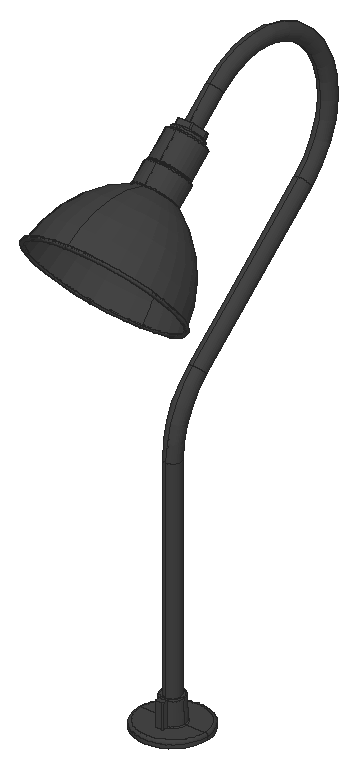
Revit family "BLE-G-DBW-G10-E26", category Lighting Fixtures, host Face, Revit 2022
Family settings
  Host = Face
  Round Connector Dimension = Use Diameter
  Part Type = Normal
  Cut with Voids When Loaded = No
  Light Source = Yes
  Maintain Annotation Orientation = No
  Shared = No
  Room Calculation Point = No
Parameters (values of type "10"")
  Wattage = 5.72229 W
  built-in parameter 1150110 = 1 (stored number, unit not read)
  built-in parameter 1114217 = 1 (stored number, unit not read)
  Tilt Angle = 0.00°
  built-in parameter 1150109 = 1 (stored number, unit not read)
  built-in parameter 1150134 = (empty or 0)
  built-in parameter 1150113 = 1 (stored number, unit not read)
  Gooseneck Material = 100 - Black
  Shade Material = 100 - Black
  Photometric Web File = "generic"
  built-in parameter 1150142 = (empty or 0)
  built-in parameter 1150105 = 67.641 (stored number, unit not read)
  Lumens = 850 lm
  built-in parameter 1150115 = 1 (stored number, unit not read)
  built-in parameter 1150137 = (empty or 0)
  built-in parameter 1150139 = (empty or 0)
  built-in parameter 1150112 = 1 (stored number, unit not read)
  built-in parameter 1150114 = 1 (stored number, unit not read)
  built-in parameter 1150132 = 2
  built-in parameter 1150102 = (empty or 0)
  built-in parameter 1150107 = 3000 (stored number, unit not read)
  built-in parameter 1150138 = (empty or 0)
  built-in parameter 1150106 = 0.67641 (stored number, unit not read)
  built-in parameter 1150104 = 13.8 (stored number, unit not read)
  20" = no
  Dimming Lamp Color Temperature Shift = <None>
  Default Elevation = 4' - 0"
  Color Filter = 16777215
  Base Material = 100 - Black
  built-in parameter 1114218 = 1 (stored number, unit not read)
  built-in parameter 1150133 = 10 (stored number, unit not read)
  16" = no
  14" = no
  12" = no
  10" = yes
Types (6): name | 20" | 16" | 14" | 12" | 10"
  (no name) | no | no | no | no | yes
  12" | no | no | no | yes | no
  14" | no | no | yes | no | no
  16" | no | yes | no | no | no
  10" | no | no | no | no | yes
  20" | yes | no | no | no | no
Reference planes (in)
  plane 1 "Center (Front/Back)": y = 0
  plane 2: z = 0
  plane 3 "Center (Left/Right)": x = 0
Lines and regions (in)
  reference lines
    curve 1: line (0, 32, 0) -> (0, -36, 0)
    curve 2: line (-33.11947, 0, 0) -> (37.88053, 0, 0)
Dimensions and locks (in)
  locked: nested 6 to imposter light at 1.75
  aligned and locked: plane 2 to host face
  aligned and locked: level to host face
  aligned and locked: plane 3 "Center (Left/Right)" to nested 1
  aligned and locked: plane 1 "Center (Front/Back)" to nested 1
  aligned and locked: imposter light to nested 6
  aligned and locked: nested 7 to nested 3
  aligned and locked: imposter light to plane 3 "Center (Left/Right)"
  aligned and locked: plane 1 "Center (Front/Back)" to nested 2
  aligned and locked: nested 3 to plane 3 "Center (Left/Right)"
  aligned and locked: nested 2 to nested 5
  aligned and locked: nested 2 to nested 6
Nested families (in)
  nested 1: "WBP-7501" at (0, 0, 0), type "WBP-7501"
  nested 2: "G10" at (0, 0, 1.975), type "GNK-5011"
  nested 3: "DBW Shade" at (0, 1.21781, 34.56074) x (0, 0.6428, -0.766) z (0, -0.766, -0.6428), type "DBW Shade"
    with 24" no, 20" no, 16" no, 14" no, 12" no
  nested 4: "103264" at (0, -3.60156, 48.3054) x (0, 0, -1) z (0, -1, 0), type "103264"
    with Heat Sink 9" no
  nested 5: "CPL-0004" at (0, 1.65207, 35.0547) x (1, 0, 0) z (0, -0.766, -0.6428), type "CPL-0004"
  nested 6: "E26 Socket Assy" at (0, 1.12408, 34.61167) x (0, 0.6428, -0.766) z (0, -0.766, -0.6428), type "E26 Socket Assy"
  nested 7: "E26 Bulb" at (0, -0.60334, 33.16219) x (1, 0, 0) z (0, -0.766, -0.6428), type "E26 Bulb"
Connectors (in)
  electrical at (0, 0, 0)
    settings: index 1, voltage 0 V, apparent load 0 VA, apparent load phase1 0 VA, apparent load phase2 0 VA, apparent load phase3 0 VA, power factor 1, load classification "Other", number of poles 1, system type 31, power factor state 1, is connector primary yes, connector utility no, sub classification motor no, connector description ""
Definition of nested family "WBP-7501"
  Parameters (values of type "WBP-7501")
    Default Elevation = 3' - 0"
    Base Material = none
  Reference planes (in)
    plane 1 "Center (Front/Back)": y = 0
    plane 2: z = 0
    plane 3 "Center (Left/Right)": x = 0
    plane 4 "Base Dia": x = -2.325
    plane 5 "Base Height": z = 0.4
    plane 6 "Fillet Radius": z = 0.225
    plane 7: z = 0.458
    plane 8: x = -0.87
    plane 9: x = -0.81
    plane 10: x = -0.76
    plane 11: z = 1.917
    plane 12: z = 1.975
    plane 13: x = -0.7
    plane 14: x = -0.2595
    plane 15: x = 0.2595
    plane 16: y = -1.135
  Forms (in)
    Extrusion 1, solid
      sketch origin (0, 0, 0) x (1, 0, 0) y (0, 1, 0)
        loop
          line (-48, 48) -> (-48, -48) -> (48, -48) -> (48, 48) -> (-48, 48)
      from 0 to -12
    Revolve 2, solid, material <- "Base Material"
      sketch origin (0, 0, 0) x (1, 0, 0) y (0, 0, 1)
        loop
          line (0, 0) -> (0, 1.975) -> (-0.7, 1.975)
          arc (-0.7, 1.975) -> (-0.74172, 1.95814) -> (-0.76, 1.91702) r 0.06003
          line (-0.76, 1.91702) -> (-0.81, 0.458)
          arc (-0.81, 0.458) -> (-0.82699, 0.41699) -> (-0.868, 0.4) r 0.058
          line (-0.868, 0.4) -> (-2.15, 0.4)
          arc (-2.15, 0.4) -> (-2.27374, 0.34874) -> (-2.325, 0.225) r 0.175
          line (-2.325, 0.225) -> (-2.325, 0) -> (0, 0)
        axis (0, 0) -> (0, 1.975)
      angle from 0 to 360
    Extrusion 3, solid, material <- "Base Material"
      sketch origin (0, 0, 0) x (1, 0, 0) y (0, 1, 0)
        loop
          line (-0.2595, -0.76731) -> (-0.2595, -1.075)
          arc (-0.2595, -1.075) -> (-0.24193, -1.11743) -> (-0.1995, -1.135) r 0.06
          line (-0.1995, -1.135) -> (0.1995, -1.135)
          arc (0.1995, -1.135) -> (0.24193, -1.11743) -> (0.2595, -1.075) r 0.06
          line (0.2595, -1.075) -> (0.2595, -0.76731)
          arc (0.2595, -0.76731) -> (0, -0.81) -> (-0.2595, -0.76731) r 0.81
      from 0 to 1.975
  Cuts and joins
    joined: Revolve 2, Extrusion 3
  Dimensions and locks (in)
    plane 4 "Base Dia" to plane 3 "Center (Left/Right)" = 0' - 2.325"
    locked: plane 5 "Base Height" to Extrusion 1 at 0.4
    locked: plane 3 "Center (Left/Right)" to plane 4 "Base Dia" at 2.325
    locked: plane 5 "Base Height" to plane 6 "Fillet Radius" at 0.175
    locked: plane 3 "Center (Left/Right)" to plane 9 at 0.81
    locked: plane 3 "Center (Left/Right)" to plane 8 at 0.87
    locked: plane 3 "Center (Left/Right)" to plane 10 at 0.76
    locked: plane 3 "Center (Left/Right)" to plane 13 at 0.7
    locked: plane 11 to plane 5 "Base Height" at 1.517
    locked: plane 12 to plane 5 "Base Height" at 1.575
    locked: plane 7 to plane 5 "Base Height" at 0.058
    locked: plane 14 to plane 3 "Center (Left/Right)" at 0.2595
    locked: plane 3 "Center (Left/Right)" to plane 15 at 0.2595
    locked: plane 16 to plane 1 "Center (Front/Back)" at 1.135
    radius of Revolve 2 sketch curve = 0' - 0.175"
    aligned and locked: plane 2 to Extrusion 1
    aligned and locked: level to Extrusion 1
    aligned and locked: Revolve 2 sketch curve to plane 5 "Base Height"
    aligned and locked: plane 9 to Revolve 2 sketch curve
    aligned and locked: plane 3 "Center (Left/Right)" to Revolve 2 sketch curve
    aligned and locked: plane 15 to Extrusion 3 sketch curve
    aligned and locked: Extrusion 3 sketch curve to plane 16
    aligned and locked: Extrusion 3 sketch curve to plane 14
  Automatic sketch dimensions
    Extrusion 1 sketch curve to Extrusion 1 sketch curve = 8' - 0"  (x2)
    Revolve 2 sketch curve to level = 0' - 0"
    Revolve 2 sketch curve to plane 4 "Base Dia" = 0' - 0"
    Revolve 2 sketch curve to plane 7 = 0' - 0"  (x2)
    plane 10 to Revolve 2 sketch curve = 0' - 0"
    Revolve 2 sketch curve to plane 12 = 0' - 0"
    Revolve 2 sketch curve to plane 13 = 0' - 0"
    Revolve 2 sketch curve to plane 3 "Center (Left/Right)" = 0' - 0"
    Revolve 2 sketch curve to Revolve 2 sketch curve = 0' - 0.22742"
    Revolve 2 sketch curve to Revolve 2 sketch curve = 0' - 1.76377"
    plane 1 "Center (Front/Back)" to Extrusion 3 sketch curve = 0' - 0"
    Extrusion 3 sketch curve to plane 3 "Center (Left/Right)" = 0' - 0"
    plane 14 to Extrusion 3 sketch curve = 0' - 0.06"
    Extrusion 3 sketch curve to plane 15 = 0' - 0.06"
    Extrusion 3 sketch curve to Extrusion 3 sketch curve = 0' - 0.30769"
Definition of nested family "G10"
  Parameters (values of type "G10")
    Gooseneck Material = none
    Default Elevation = 2' - 0"
  Reference planes (in)
    plane 1 "Center (Front/Back)": y = 0
    plane 2: z = 0
    plane 3 "Center (Left/Right)": x = 0
    plane 4 "Wood Height": z = 0
    plane 5: through (0, 1.65207, 33.0797) normal (0, 0.6428, -0.766)
  Forms (in)
    Extrusion 1, solid
      sketch origin (0, 0, 0) x (1, 0, 0) y (0, 1, 0)
        loop
          line (-48, 48) -> (-48, -48) -> (48, -48) -> (48, 48) -> (-48, 48)
      from 0 to -12
    Sweep 2, solid, material <- "Gooseneck Material"
      path origin (0, 0, 0) x (0, 1, 0) y (0, 0, 1)
        loop
          line (0, 0) -> (0, 14.00297)
          arc (0, 14.00297) -> (0.53813, 16.43033) -> (2.0517, 18.40284) r 5.74363
          line (2.0517, 18.40284) -> (10.86366, 25.79696)
          arc (10.86366, 25.79696) -> (11.57239, 33.89774) -> (3.47162, 34.60648) r 5.75
          line (3.47162, 34.60648) -> (1.65207, 33.0797)
      profile origin (0, 0, 7.00148) x (0, -1, 0) y (1, 0, 0)
        loop
          circle (0, 0) r 0.52676
  Dimensions and locks (in)
    aligned and locked: plane 2 to Extrusion 1
    aligned and locked: level to Extrusion 1
    aligned and locked: Extrusion 1 to plane 4 "Wood Height"
  Automatic sketch dimensions
    Extrusion 1 sketch curve to Extrusion 1 sketch curve = 8' - 0"  (x2)
    Sweep 2 sketch curve to plane 3 "Center (Left/Right)" = 0' - 0"
    Sweep 2 sketch curve to profile plane = 0' - 0"
    Sweep 2 sketch curve to plane 1 "Center (Front/Back)" = 0' - 0"
    Sweep 2 sketch curve to level = 0' - 0"
    Sweep 2 sketch curve to plane 1 "Center (Front/Back)" = 0' - 2.0517"
    Sweep 2 sketch curve to plane 1 "Center (Front/Back)" = 0' - 3.47162"
    Sweep 2 sketch curve to Sweep 2 sketch curve = 0' - 3.69193"
    Sweep 2 sketch curve to Sweep 2 sketch curve = 0' - 3.69602"
    Sweep 2 sketch curve to Sweep 2 sketch curve = 0' - 3.69603"
    level to Sweep 2 sketch curve = 1' - 2.00297"
    Sweep 2 sketch curve to plane 1 "Center (Front/Back)" = 0' - 1.65207"
    radius of Sweep 2 sketch curve = 0' - 0.52676"
Definition of nested family "DBW Shade"
  Parameters (values of type "DBW Shade")
    Shade Material = none
    Default Elevation = 2' - 0"
    24" = yes
    20" = yes
    10" = yes
    16" = yes
    14" = yes
    12" = yes
  Reference planes (in)
    plane 1 "Center (Front/Back)": y = 0
    plane 2: z = 0
    plane 3 "Center (Left/Right)": x = 0
  Forms (in)
    Extrusion 1, solid
      sketch origin (0, 0, 0) x (1, 0, 0) y (0, 1, 0)
        loop
          line (-48, 48) -> (-48, -48) -> (48, -48) -> (48, 48) -> (-48, 48)
      from 0 to -12
  Dimensions and locks (in)
    aligned and locked: plane 2 to Extrusion 1
    aligned and locked: level to Extrusion 1
    aligned and locked: plane 1 "Center (Front/Back)" to nested 1
    aligned and locked: plane 3 "Center (Left/Right)" to nested 1
    aligned and locked: plane 3 "Center (Left/Right)" to nested 2
    aligned and locked: plane 1 "Center (Front/Back)" to nested 2
    aligned and locked: plane 1 "Center (Front/Back)" to nested 3
    aligned and locked: plane 3 "Center (Left/Right)" to nested 3
    aligned and locked: plane 1 "Center (Front/Back)" to nested 4
    aligned and locked: plane 1 "Center (Front/Back)" to nested 5
    aligned and locked: plane 3 "Center (Left/Right)" to nested 5
    aligned and locked: plane 3 "Center (Left/Right)" to nested 6
    aligned and locked: plane 1 "Center (Front/Back)" to nested 6
    aligned and locked: plane 3 "Center (Left/Right)" to nested 4
  Nested families (in)
    nested 1: "SHD-0028" at (0, 0, 0), visible <- "10"", type "SHD-0028"
    nested 2: "SHD-0029" at (0, 0, 0), visible <- "12"", type "SHD-0029"
    nested 3: "SHD-0114" at (0, 0, 0), visible <- "14"", type "SHD-0114"
    nested 4: "SHD-0115" at (0, 0, 0), visible <- "16"", type "SHD-0115"
    nested 5: "SHD-0308" at (0, 0, 0), visible <- "24"", type "SHD-0308"
    nested 6: "SHD-0223" at (0, 0, 0), visible <- "20"", type "SHD-0223"
  Definition of nested family "SHD-0028"
    Parameters (values of type "SHD-0028")
      Shade Material = none
      Default Elevation = 2' - 0"
    Reference planes (in)
      plane 1 "Center (Front/Back)": y = 0
      plane 2: z = 0
      plane 3 "Center (Left/Right)": x = 0
      plane 4 "Wood Height": z = 0
      plane 5 "Nut Radius": x = -1.03713
      plane 6 "Nut Flat": x = -0.861
      plane 7 "Shade Thickness": z = 0.04
      plane 8 "Lower Shade bottom": z = 9.109
      plane 9 "Lower Shade Outer Dia": x = -5
      plane 10 "Shade Top Dia": x = -1.20713
      plane 11 "Shade Middle Radius Height1": z = 1.965
      plane 12 "Shade Lower Diameter1": x = -1.44113
      plane 13 "Shade Top Radius": x = -1.29713
      plane 14 "Shade Middle Radious Height2": z = 2.105
      plane 15 "Shade Middle Radius Diameter2": x = -1.41363
      plane 16 "Lip Height": z = 9.029
      plane 17 "Bowl Start": z = 3.545
      plane 18: x = -4.85
      plane 19: z = 9.069
    Forms (in)
      Extrusion 1, solid
        sketch origin (0, 0, 0) x (1, 0, 0) y (0, 1, 0)
          loop
            line (-48, 48) -> (-48, -48) -> (48, -48) -> (48, 48) -> (-48, 48)
        from 0 to -12
      Revolve 2, solid, material <- "Shade Material"
        sketch origin (0, 0, 0) x (1, 0, 0) y (0, 0, 1)
          loop
            line (0, 0) -> (0, 0.03906) -> (-1.20713, 0.03906)
            arc (-1.20713, 0.03906) -> (-1.24314, 0.05398) -> (-1.25806, 0.09) r 0.05094
            line (-1.25806, 0.09) -> (-1.25806, 1.94384)
            arc (-1.25806, 1.94384) -> (-1.26409, 1.97759) -> (-1.28141, 2.00717) r 0.09757
            line (-1.28141, 2.00717) -> (-1.37456, 2.11635) -> (-1.37456, 3.48096)
            arc (-1.37456, 3.48096) -> (-1.39014, 3.54099) -> (-1.43295, 3.58588) r 0.12347
            arc (-1.43295, 3.58588) -> (-3.7536, 5.90437) -> (-4.80544, 9.01154) r 7.20294
            arc (-4.80544, 9.01154) -> (-4.99326, 9.04214) -> (-4.84504, 8.9228) r 0.09841
            line (-4.84504, 8.9228) -> (-4.86619, 8.95581)
            arc (-4.86619, 8.95581) -> (-4.95809, 9.02506) -> (-4.84432, 9.00777) r 0.05934
            arc (-4.84432, 9.00777) -> (-3.78678, 5.88375) -> (-1.45354, 3.55268) r 7.242
            arc (-1.45354, 3.55268) -> (-1.42428, 3.522) -> (-1.41363, 3.48096) r 0.0844
            line (-1.41363, 3.48096) -> (-1.41363, 2.13147)
            arc (-1.41363, 2.13147) -> (-1.40868, 2.10377) -> (-1.39446, 2.07949) r 0.08009
            line (-1.39446, 2.07949) -> (-1.31112, 1.98181)
            arc (-1.31112, 1.98181) -> (-1.30074, 1.96408) -> (-1.29713, 1.94384) r 0.0585
            line (-1.29713, 1.94384) -> (-1.29713, 0.09)
            arc (-1.29713, 0.09) -> (-1.27077, 0.02636) -> (-1.20713, 0) r 0.09
            line (-1.20713, 0) -> (0, 0)
          axis (0, 9.01154) -> (0, 0)
        angle from 0 to 360
    Dimensions and locks (in)
      locked: plane 6 "Nut Flat" to plane 3 "Center (Left/Right)" at 0.861
      locked: plane 7 "Shade Thickness" to plane 4 "Wood Height" at 0.04
      locked: plane 3 "Center (Left/Right)" to plane 9 "Lower Shade Outer Dia" at 5
      locked: plane 11 "Shade Middle Radius Height1" to plane 4 "Wood Height" at 1.965
      locked: plane 14 "Shade Middle Radious Height2" to plane 4 "Wood Height" at 2.105
      locked: plane 8 "Lower Shade bottom" to plane 16 "Lip Height" at 0.08
      locked: plane 17 "Bowl Start" to plane 4 "Wood Height" at 3.545
      locked: plane 18 to plane 9 "Lower Shade Outer Dia" at 0.15
      locked: plane 8 "Lower Shade bottom" to plane 19 at 0.04
      locked: plane 8 "Lower Shade bottom" to plane 4 "Wood Height" at 9.109
      aligned and locked: plane 2 to Extrusion 1
      aligned and locked: level to Extrusion 1
      aligned and locked: plane 4 "Wood Height" to Revolve 2 sketch curve
      aligned and locked: plane 10 "Shade Top Dia" to Revolve 2 sketch curve
      aligned and locked: Revolve 2 sketch curve to plane 15 "Shade Middle Radius Diameter2"
      aligned and locked: Revolve 2 sketch curve to plane 13 "Shade Top Radius"
      aligned and locked: Extrusion 1 to plane 4 "Wood Height"
    Automatic sketch dimensions
      Extrusion 1 sketch curve to Extrusion 1 sketch curve = 8' - 0"  (x2)
      Revolve 2 sketch curve to Revolve 2 sketch curve = 0' - 0"  (x12)
      Revolve 2 sketch curve to plane 3 "Center (Left/Right)" = 0' - 0"  (x2)
      plane 18 to Revolve 2 sketch curve = 0' - 0.00496"
      Revolve 2 sketch curve to plane 18 = 0' - 0.01619"
      plane 15 "Shade Middle Radius Diameter2" to Revolve 2 sketch curve = 0' - 0.01916"
      plane 14 "Shade Middle Radious Height2" to Revolve 2 sketch curve = 0' - 0.01135"
      plane 15 "Shade Middle Radius Diameter2" to Revolve 2 sketch curve = 0' - 0 5/128"
      Revolve 2 sketch curve to plane 11 "Shade Middle Radius Height1" = 0' - 0.02116"
      plane 15 "Shade Middle Radius Diameter2" to Revolve 2 sketch curve = 0' - 0.058"
      plane 14 "Shade Middle Radious Height2" to Revolve 2 sketch curve = 0' - 0.02647"
      Revolve 2 sketch curve to plane 13 "Shade Top Radius" = 0' - 0.01572"
      Revolve 2 sketch curve to Revolve 2 sketch curve = 0' - 0 5/128"
      Revolve 2 sketch curve to plane 17 "Bowl Start" = 0' - 0.06404"
      plane 18 to Revolve 2 sketch curve = 0' - 0.00568"
      plane 17 "Bowl Start" to Revolve 2 sketch curve = 0' - 0.15101"
      Revolve 2 sketch curve to Revolve 2 sketch curve = 0' - 2.15863"
      Revolve 2 sketch curve to plane 12 "Shade Lower Diameter1" = 0' - 0.00818"
      Revolve 2 sketch curve to Revolve 2 sketch curve = 0' - 0.03888"  (x2)
      Revolve 2 sketch curve to Revolve 2 sketch curve = 0' - 0.03301"
      Revolve 2 sketch curve to Revolve 2 sketch curve = 0' - 0.02059"
      Revolve 2 sketch curve to Revolve 2 sketch curve = 0' - 0.03319"
  Definition of nested family "SHD-0029"
    Parameters (values of type "SHD-0029")
      Shade Material = none
      Default Elevation = 2' - 0"
    Reference planes (in)
      plane 1 "Center (Front/Back)": y = 0
      plane 2: z = 0
      plane 3 "Center (Left/Right)": x = 0
      plane 4 "Wood Height": z = 0
      plane 5 "Nut Radius": x = -1.03713
      plane 6 "Nut Flat": x = -0.861
      plane 7 "Shade Thickness": z = 0.04
      plane 8 "Shade Top Dia": x = -1.20713
      plane 9 "Shade Middle Radius Height1": z = 1.965
      plane 10 "Shade Lower Diameter1": x = -1.44113
      plane 11 "Shade Top Radius": x = -1.29713
      plane 12 "Shade Middle Radious Height2": z = 2.105
      plane 13 "Shade Middle Radius Diameter2": x = -1.41363
      plane 14 "Bowl Start": z = 3.545
    Forms (in)
      Extrusion 1, solid
        sketch origin (0, 0, 0) x (1, 0, 0) y (0, 1, 0)
          loop
            line (-48, 48) -> (-48, -48) -> (48, -48) -> (48, 48) -> (-48, 48)
        from 0 to -12
      Revolve 2, solid, material <- "Shade Material"
        sketch origin (0, 0, 0) x (1, 0, 0) y (0, 0, 1)
          loop
            line (0, 0) -> (0, 0.03906) -> (-1.20713, 0.03906)
            arc (-1.20713, 0.03906) -> (-1.24314, 0.05398) -> (-1.25806, 0.09) r 0.05094
            line (-1.25806, 0.09) -> (-1.25806, 1.94384)
            arc (-1.25806, 1.94384) -> (-1.26409, 1.97759) -> (-1.28141, 2.00717) r 0.09757
            line (-1.28141, 2.00717) -> (-1.37456, 2.11635) -> (-1.37456, 3.49488)
            arc (-1.37456, 3.49488) -> (-1.3856, 3.54027) -> (-1.41623, 3.57553) r 0.09889
            arc (-1.41623, 3.57553) -> (-4.2546, 6.22323) -> (-5.80711, 9.7808) r 9.56481
            arc (-5.80711, 9.7808) -> (-5.99536, 9.79563) -> (-5.84506, 9.68132) r 0.09841
            line (-5.84506, 9.68132) -> (-5.86621, 9.71432)
            arc (-5.86621, 9.71432) -> (-5.9593, 9.78052) -> (-5.84534, 9.77276) r 0.05934
            arc (-5.84534, 9.77276) -> (-4.28694, 6.2013) -> (-1.43786, 3.54296) r 9.60387
            arc (-1.43786, 3.54296) -> (-1.42003, 3.5218) -> (-1.41363, 3.49488) r 0.05982
            line (-1.41363, 3.49488) -> (-1.41363, 2.13147)
            arc (-1.41363, 2.13147) -> (-1.40868, 2.10377) -> (-1.39446, 2.07949) r 0.08009
            line (-1.39446, 2.07949) -> (-1.31112, 1.98181)
            arc (-1.31112, 1.98181) -> (-1.30074, 1.96408) -> (-1.29713, 1.94384) r 0.0585
            line (-1.29713, 1.94384) -> (-1.29713, 0.09)
            arc (-1.29713, 0.09) -> (-1.27077, 0.02636) -> (-1.20713, 0) r 0.09
            line (-1.20713, 0) -> (0, 0)
          axis (0, 9.7808) -> (0, 0)
        angle from 0 to 360
    Dimensions and locks (in)
      locked: plane 6 "Nut Flat" to plane 3 "Center (Left/Right)" at 0.861
      locked: plane 7 "Shade Thickness" to plane 4 "Wood Height" at 0.04
      locked: plane 9 "Shade Middle Radius Height1" to plane 4 "Wood Height" at 1.965
      locked: plane 12 "Shade Middle Radious Height2" to plane 4 "Wood Height" at 2.105
      locked: plane 14 "Bowl Start" to plane 4 "Wood Height" at 3.545
      aligned and locked: plane 2 to Extrusion 1
      aligned and locked: level to Extrusion 1
      aligned and locked: plane 4 "Wood Height" to Revolve 2 sketch curve
      aligned and locked: plane 8 "Shade Top Dia" to Revolve 2 sketch curve
      aligned and locked: Revolve 2 sketch curve to plane 13 "Shade Middle Radius Diameter2"
      aligned and locked: Revolve 2 sketch curve to plane 11 "Shade Top Radius"
      aligned and locked: Extrusion 1 to plane 4 "Wood Height"
    Automatic sketch dimensions
      Extrusion 1 sketch curve to Extrusion 1 sketch curve = 8' - 0"  (x2)
      Revolve 2 sketch curve to Revolve 2 sketch curve = 0' - 0"  (x15)
      Revolve 2 sketch curve to plane 3 "Center (Left/Right)" = 0' - 0"  (x2)
      plane 10 "Shade Lower Diameter1" to Revolve 2 sketch curve = 0' - 0.03232"
      Revolve 2 sketch curve to Revolve 2 sketch curve = 0' - 0.02115"
      Revolve 2 sketch curve to Revolve 2 sketch curve = 0' - 0.0372"
      plane 13 "Shade Middle Radius Diameter2" to Revolve 2 sketch curve = 0' - 0.01916"
      plane 12 "Shade Middle Radious Height2" to Revolve 2 sketch curve = 0' - 0.01135"
      plane 13 "Shade Middle Radius Diameter2" to Revolve 2 sketch curve = 0' - 0 5/128"
      Revolve 2 sketch curve to plane 9 "Shade Middle Radius Height1" = 0' - 0.02116"
      plane 13 "Shade Middle Radius Diameter2" to Revolve 2 sketch curve = 0' - 0.058"
      plane 12 "Shade Middle Radious Height2" to Revolve 2 sketch curve = 0' - 0.02647"
      Revolve 2 sketch curve to plane 11 "Shade Top Radius" = 0' - 0.01572"
      Revolve 2 sketch curve to Revolve 2 sketch curve = 0' - 0 5/128"
      Revolve 2 sketch curve to plane 14 "Bowl Start" = 0' - 0.05012"
      Revolve 2 sketch curve to Revolve 2 sketch curve = 0' - 0.03301"
      Revolve 2 sketch curve to Revolve 2 sketch curve = 0' - 0.04623"
      Revolve 2 sketch curve to plane 13 "Shade Middle Radius Diameter2" = 0' - 0.00261"
      Revolve 2 sketch curve to plane 14 "Bowl Start" = 0' - 0.00204"
      plane 14 "Bowl Start" to Revolve 2 sketch curve = 0' - 0.15101"
      Revolve 2 sketch curve to Revolve 2 sketch curve = 0' - 2.15863"
      plane 10 "Shade Lower Diameter1" to Revolve 2 sketch curve = 0' - 4.40394"
      plane 3 "Center (Left/Right)" to Revolve 2 sketch curve = 0' - 3.5532"
      plane 14 "Bowl Start" to Revolve 2 sketch curve = 0' - 6.13632"
  Definition of nested family "SHD-0114"
    Parameters (values of type "SHD-0114")
      Shade Material = none
      Default Elevation = 2' - 0"
    Reference planes (in)
      plane 1 "Center (Front/Back)": y = 0
      plane 2: z = 0
      plane 3 "Center (Left/Right)": x = 0
      plane 4 "Wood Height": z = 0
    Forms (in)
      Extrusion 1, solid
        sketch origin (0, 0, 0) x (1, 0, 0) y (0, 1, 0)
          loop
            line (-48, 48) -> (-48, -48) -> (48, -48) -> (48, 48) -> (-48, 48)
        from 0 to -12
      Revolve 2, solid, material <- "Shade Material"
        sketch origin (0, 0, 0) x (1, 0, 0) y (0, 0, 1)
          loop
            line (0, 0) -> (0, 0.03906) -> (-1.45545, 0.03906)
            arc (-1.45545, 0.03906) -> (-1.49164, 0.05405) -> (-1.50663, 0.09025) r 0.05119
            line (-1.50663, 0.09025) -> (-1.50663, 2.07228)
            arc (-1.50663, 2.07228) -> (-1.51325, 2.1034) -> (-1.53194, 2.12913) r 0.0765
            line (-1.53194, 2.12913) -> (-1.59895, 2.18946)
            arc (-1.59895, 2.18946) -> (-1.61737, 2.21483) -> (-1.62389, 2.24549) r 0.07539
            line (-1.62389, 2.24549) -> (-1.62389, 3.76049)
            arc (-1.62389, 3.76049) -> (-1.63985, 3.81863) -> (-1.68326, 3.86047) r 0.11386
            arc (-1.68326, 3.86047) -> (-5.12462, 6.95788) -> (-6.79993, 11.27416) r 9.99002
            arc (-6.79993, 11.27416) -> (-6.99505, 11.29998) -> (-6.84047, 11.17815) r 0.10205
            line (-6.84047, 11.17815) -> (-6.86365, 11.20959)
            arc (-6.86365, 11.20959) -> (-6.95906, 11.28479) -> (-6.83863, 11.26885) r 0.06299
            arc (-6.83863, 11.26885) -> (-5.15677, 6.93569) -> (-1.70196, 3.82617) r 10.02909
            arc (-1.70196, 3.82617) -> (-1.67344, 3.79868) -> (-1.66295, 3.76049) r 0.07479
            line (-1.66295, 3.76049) -> (-1.66295, 2.24549)
            arc (-1.66295, 2.24549) -> (-1.65306, 2.19894) -> (-1.62508, 2.16043) r 0.11445
            line (-1.62508, 2.16043) -> (-1.55808, 2.1001)
            arc (-1.55808, 2.1001) -> (-1.54893, 2.08751) -> (-1.54569, 2.07228) r 0.03743
            line (-1.54569, 2.07228) -> (-1.54569, 0.09025)
            arc (-1.54569, 0.09025) -> (-1.51926, 0.02643) -> (-1.45545, 0) r 0.09025
            line (-1.45545, 0) -> (0, 0)
          axis (0, 11.27416) -> (0, 0)
        angle from 0 to 360
    Dimensions and locks (in)
      aligned and locked: plane 2 to Extrusion 1
      aligned and locked: level to Extrusion 1
      aligned and locked: Extrusion 1 to plane 4 "Wood Height"
    Automatic sketch dimensions
      Extrusion 1 sketch curve to Extrusion 1 sketch curve = 8' - 0"  (x2)
      Revolve 2 sketch curve to Revolve 2 sketch curve = 0' - 0"  (x25)
      Revolve 2 sketch curve to level = 0' - 0"
      Revolve 2 sketch curve to plane 3 "Center (Left/Right)" = 0' - 0"  (x2)
      Revolve 2 sketch curve to Revolve 2 sketch curve = 0' - 0.01239"
      Revolve 2 sketch curve to Revolve 2 sketch curve = 0' - 0.07479"
      Revolve 2 sketch curve to Revolve 2 sketch curve = 0' - 0.02318"
      Revolve 2 sketch curve to Revolve 2 sketch curve = 0' - 0.03738"
      Revolve 2 sketch curve to Revolve 2 sketch curve = 0' - 0.03144"
      Revolve 2 sketch curve to Revolve 2 sketch curve = 0' - 0.0507"
      Revolve 2 sketch curve to Revolve 2 sketch curve = 0' - 0.01869"  (x2)
      Revolve 2 sketch curve to Revolve 2 sketch curve = 0' - 2.15863"
      plane 3 "Center (Left/Right)" to Revolve 2 sketch curve = 0' - 3.09734"
      Revolve 2 sketch curve to Revolve 2 sketch curve = 0' - 0.02614"
      Revolve 2 sketch curve to Revolve 2 sketch curve = 0' - 0 5/128"  (x2)
      Revolve 2 sketch curve to Revolve 2 sketch curve = 0' - 1.45545"
      Revolve 2 sketch curve to Revolve 2 sketch curve = 0' - 0.05119"
      Revolve 2 sketch curve to Revolve 2 sketch curve = 0' - 0.02531"
      Revolve 2 sketch curve to Revolve 2 sketch curve = 0' - 0.01656"
      Revolve 2 sketch curve to Revolve 2 sketch curve = 0' - 0.02505"
      Revolve 2 sketch curve to Revolve 2 sketch curve = 0' - 0.05045"
      Revolve 2 sketch curve to plane 3 "Center (Left/Right)" = 0' - 6.84047"
      Revolve 2 sketch curve to Revolve 2 sketch curve = 0' - 1.98204"
      Revolve 2 sketch curve to Revolve 2 sketch curve = 0' - 1.515"
      Revolve 2 sketch curve to Revolve 2 sketch curve = 0' - 7.41765"
      Revolve 2 sketch curve to Revolve 2 sketch curve = 0' - 0.06448"
  Definition of nested family "SHD-0115"
    Parameters (values of type "SHD-0115")
      Shade Material = none
      Default Elevation = 2' - 0"
    Reference planes (in)
      plane 1 "Center (Front/Back)": y = 0
      plane 2: z = 0
      plane 3 "Center (Left/Right)": x = 0
      plane 4 "Wood Height": z = 0
    Forms (in)
      Extrusion 1, solid
        sketch origin (0, 0, 0) x (1, 0, 0) y (0, 1, 0)
          loop
            line (-48, 48) -> (-48, -48) -> (48, -48) -> (48, 48) -> (-48, 48)
        from 0 to -12
      Revolve 2, solid, material <- "Shade Material"
        sketch origin (0, 0, 0) x (1, 0, 0) y (0, 0, 1)
          loop
            line (0, 0) -> (0, 0.03906) -> (-1.45545, 0.03906)
            arc (-1.45545, 0.03906) -> (-1.49164, 0.05405) -> (-1.50663, 0.09025) r 0.05119
            line (-1.50663, 0.09025) -> (-1.50663, 2.07228)
            arc (-1.50663, 2.07228) -> (-1.51325, 2.1034) -> (-1.53194, 2.12913) r 0.0765
            line (-1.53194, 2.12913) -> (-1.59895, 2.18946)
            arc (-1.59895, 2.18946) -> (-1.61737, 2.21483) -> (-1.62389, 2.24549) r 0.07539
            line (-1.62389, 2.24549) -> (-1.62389, 3.76049)
            arc (-1.62389, 3.76049) -> (-1.64115, 3.82076) -> (-1.6877, 3.86276) r 0.11386
            arc (-1.6877, 3.86276) -> (-5.9143, 7.51176) -> (-7.79992, 12.76759) r 10.98102
            arc (-7.79992, 12.76759) -> (-7.99459, 12.80067) -> (-7.84102, 12.67655) r 0.10205
            line (-7.84102, 12.67655) -> (-7.8642, 12.70799)
            arc (-7.8642, 12.70799) -> (-7.95899, 12.7846) -> (-7.83883, 12.76418) r 0.06299
            arc (-7.83883, 12.76418) -> (-5.94651, 7.48965) -> (-1.70487, 3.82767) r 11.02008
            arc (-1.70487, 3.82767) -> (-1.67429, 3.80009) -> (-1.66295, 3.76049) r 0.07479
            line (-1.66295, 3.76049) -> (-1.66295, 2.24549)
            arc (-1.66295, 2.24549) -> (-1.65306, 2.19894) -> (-1.62508, 2.16043) r 0.11445
            line (-1.62508, 2.16043) -> (-1.55808, 2.1001)
            arc (-1.55808, 2.1001) -> (-1.54893, 2.08751) -> (-1.54569, 2.07228) r 0.03743
            line (-1.54569, 2.07228) -> (-1.54569, 0.09025)
            arc (-1.54569, 0.09025) -> (-1.51926, 0.02643) -> (-1.45545, 0) r 0.09025
            line (-1.45545, 0) -> (0, 0)
          axis (0, 12.76759) -> (0, 0)
        angle from 0 to 360
    Dimensions and locks (in)
      aligned and locked: plane 2 to Extrusion 1
      aligned and locked: level to Extrusion 1
      aligned and locked: Extrusion 1 to plane 4 "Wood Height"
    Automatic sketch dimensions
      Extrusion 1 sketch curve to Extrusion 1 sketch curve = 8' - 0"  (x2)
      Revolve 2 sketch curve to Revolve 2 sketch curve = 0' - 0"  (x16)
      Revolve 2 sketch curve to level = 0' - 0"
      Revolve 2 sketch curve to plane 3 "Center (Left/Right)" = 0' - 0"  (x2)
      Revolve 2 sketch curve to Revolve 2 sketch curve = 0' - 1.45545"
      Revolve 2 sketch curve to plane 3 "Center (Left/Right)" = 0' - 1.50663"
      Revolve 2 sketch curve to Revolve 2 sketch curve = 0' - 0.02531"
      Revolve 2 sketch curve to Revolve 2 sketch curve = 0' - 0 5/128"
      Revolve 2 sketch curve to Revolve 2 sketch curve = 0' - 0.01656"
      Revolve 2 sketch curve to Revolve 2 sketch curve = 0' - 0.01239"
      Revolve 2 sketch curve to Revolve 2 sketch curve = 0' - 0.02505"
      Revolve 2 sketch curve to Revolve 2 sketch curve = 0' - 0.05045"
      Revolve 2 sketch curve to Revolve 2 sketch curve = 0' - 0.02494"
      Revolve 2 sketch curve to Revolve 2 sketch curve = 0' - 0.02614"
      Revolve 2 sketch curve to Revolve 2 sketch curve = 0' - 0.07479"
      Revolve 2 sketch curve to Revolve 2 sketch curve = 0' - 0.02318"
      Revolve 2 sketch curve to Revolve 2 sketch curve = 0' - 0.03738"
      plane 3 "Center (Left/Right)" to Revolve 2 sketch curve = 0' - 3.13919"
      Revolve 2 sketch curve to Revolve 2 sketch curve = 0' - 1.98204"
      Revolve 2 sketch curve to Revolve 2 sketch curve = 0' - 1.515"
      Revolve 2 sketch curve to Revolve 2 sketch curve = 0' - 0.03144"
      Revolve 2 sketch curve to Revolve 2 sketch curve = 0' - 0.0507"
      Revolve 2 sketch curve to Revolve 2 sketch curve = 0' - 1.04947"
      Revolve 2 sketch curve to Revolve 2 sketch curve = 0' - 0.03891"
      Revolve 2 sketch curve to Revolve 2 sketch curve = 0' - 0.06448"
      Revolve 2 sketch curve to Revolve 2 sketch curve = 0' - 2.15863"
  Definition of nested family "SHD-0308"
    Parameters (values of type "SHD-0308")
      Shade Material = none
      Default Elevation = 2' - 0"
    Reference planes (in)
      plane 1 "Center (Front/Back)": y = 0
      plane 2: z = 0
      plane 3 "Center (Left/Right)": x = 0
      plane 4 "Wood Height": z = 0
    Forms (in)
      Extrusion 1, solid
        sketch origin (0, 0, 0) x (1, 0, 0) y (0, 1, 0)
          loop
            line (-48, 48) -> (-48, -48) -> (48, -48) -> (48, 48) -> (-48, 48)
        from 0 to -12
      Revolve 2, solid, material <- "Shade Material"
        sketch origin (0, 0, 0) x (1, 0, 0) y (0, 0, 1)
          loop
            line (0, 0) -> (0, 0.03906) -> (-2.22237, 0.03906)
            arc (-2.22237, 0.03906) -> (-2.2742, 0.06053) -> (-2.29567, 0.11236) r 0.0733
            line (-2.29567, 0.11236) -> (-2.29567, 3.09806)
            arc (-2.29567, 3.09806) -> (-2.30835, 3.16758) -> (-2.34475, 3.22814) r 0.19691
            line (-2.34475, 3.22814) -> (-2.42725, 3.32189)
            arc (-2.42725, 3.32189) -> (-2.46224, 3.38009) -> (-2.47442, 3.4469) r 0.18923
            line (-2.47442, 3.4469) -> (-2.47442, 5.72055)
            arc (-2.47442, 5.72055) -> (-2.4994, 5.80773) -> (-2.56677, 5.86845) r 0.16462
            arc (-2.56677, 5.86845) -> (-9.0535, 11.47959) -> (-11.91654, 19.56448) r 16.76616
            arc (-11.91654, 19.56448) -> (-11.93143, 19.59499) -> (-11.96306, 19.60734) r 0.04667
            line (-11.96306, 19.60734) -> (-12.00319, 19.60734)
            arc (-12.00319, 19.60734) -> (-12.07667, 19.53386) -> (-12.00319, 19.46037) r 0.07348
            line (-12.00319, 19.46037) -> (-11.96309, 19.46037) -> (-11.96309, 19.49944) -> (-12.00319, 19.49944)
            arc (-12.00319, 19.49944) -> (-12.03761, 19.53386) -> (-12.00319, 19.56828) r 0.03442
            line (-12.00319, 19.56828) -> (-11.95604, 19.56828)
            arc (-11.95604, 19.56828) -> (-9.08774, 11.46046) -> (-2.58392, 5.83336) r 16.80523
            arc (-2.58392, 5.83336) -> (-2.53254, 5.78704) -> (-2.51348, 5.72055) r 0.12556
            line (-2.51348, 5.72055) -> (-2.51348, 3.4469)
            arc (-2.51348, 3.4469) -> (-2.49878, 3.3663) -> (-2.45658, 3.29609) r 0.22829
            line (-2.45658, 3.29609) -> (-2.37408, 3.20234)
            arc (-2.37408, 3.20234) -> (-2.34489, 3.15379) -> (-2.33473, 3.09806) r 0.15785
            line (-2.33473, 3.09806) -> (-2.33473, 0.11236)
            arc (-2.33473, 0.11236) -> (-2.30182, 0.03291) -> (-2.22237, 0) r 0.11236
            line (-2.22237, 0) -> (0, 0)
          axis (0, 19.60734) -> (0, 0)
        angle from 0 to 360
    Dimensions and locks (in)
      aligned and locked: plane 2 to Extrusion 1
      aligned and locked: level to Extrusion 1
      aligned and locked: Extrusion 1 to plane 4 "Wood Height"
    Automatic sketch dimensions
      Extrusion 1 sketch curve to Extrusion 1 sketch curve = 8' - 0"  (x2)
      Revolve 2 sketch curve to Revolve 2 sketch curve = 0' - 0"  (x24)
      Revolve 2 sketch curve to level = 0' - 0"
      Revolve 2 sketch curve to plane 3 "Center (Left/Right)" = 0' - 0"  (x2)
      Revolve 2 sketch curve to Revolve 2 sketch curve = 0' - 0.01047"
      Revolve 2 sketch curve to Revolve 2 sketch curve = 0' - 0.01002"
      Revolve 2 sketch curve to Revolve 2 sketch curve = 0' - 0.02933"  (x2)
      Revolve 2 sketch curve to Revolve 2 sketch curve = 0' - 0.04717"
      Revolve 2 sketch curve to Revolve 2 sketch curve = 0' - 0.12556"
      Revolve 2 sketch curve to Revolve 2 sketch curve = 0' - 0.00701"
      Revolve 2 sketch curve to Revolve 2 sketch curve = 0' - 0.00004"
      Revolve 2 sketch curve to Revolve 2 sketch curve = 0' - 0.04013"
      plane 3 "Center (Left/Right)" to Revolve 2 sketch curve = 0' - 4.79372"
      Revolve 2 sketch curve to Revolve 2 sketch curve = 0' - 0 5/128"  (x2)
      Revolve 2 sketch curve to Revolve 2 sketch curve = 0' - 2.9857"
      Revolve 2 sketch curve to Revolve 2 sketch curve = 0' - 2.27365"
      Revolve 2 sketch curve to Revolve 2 sketch curve = 0' - 0.03442"
      Revolve 2 sketch curve to Revolve 2 sketch curve = 0' - 0.00761"
      Revolve 2 sketch curve to Revolve 2 sketch curve = 0' - 0.24911"
      Revolve 2 sketch curve to Revolve 2 sketch curve = 0' - 2.15863"
      Revolve 2 sketch curve to Revolve 2 sketch curve = 0' - 2.22237"
      Revolve 2 sketch curve to plane 3 "Center (Left/Right)" = 0' - 2.28519"
      Revolve 2 sketch curve to plane 3 "Center (Left/Right)" = 0' - 11.95604"
      Revolve 2 sketch curve to Revolve 2 sketch curve = 1' - 1.73983"
      Revolve 2 sketch curve to Revolve 2 sketch curve = 1' - 3.07792"
  Definition of nested family "SHD-0223"
    Parameters (values of type "SHD-0223")
      Shade Material = none
      Default Elevation = 2' - 0"
    Reference planes (in)
      plane 1 "Center (Front/Back)": y = 0
      plane 2: z = 0
      plane 3 "Center (Left/Right)": x = 0
      plane 4 "Wood Height": z = 0
    Forms (in)
      Extrusion 1, solid
        sketch origin (0, 0, 0) x (1, 0, 0) y (0, 1, 0)
          loop
            line (-48, 48) -> (-48, -48) -> (48, -48) -> (48, 48) -> (-48, 48)
        from 0 to -12
      Revolve 2, solid, material <- "Shade Material"
        sketch origin (0, 0, 0) x (1, 0, 0) y (0, 0, 1)
          loop
            line (0, 0) -> (0, 0.03906) -> (-1.8485, 0.03906)
            arc (-1.8485, 0.03906) -> (-1.88896, 0.05582) -> (-1.90572, 0.09628) r 0.05722
            line (-1.90572, 0.09628) -> (-1.90572, 2.57881)
            arc (-1.90572, 2.57881) -> (-1.9168, 2.64011) -> (-1.94865, 2.69364) r 0.17504
            line (-1.94865, 2.69364) -> (-2.01787, 2.77327)
            arc (-2.01787, 2.77327) -> (-2.04498, 2.81883) -> (-2.05441, 2.871) r 0.14898
            line (-2.05441, 2.871) -> (-2.05441, 4.7663)
            arc (-2.05441, 4.7663) -> (-2.07634, 4.84285) -> (-2.13548, 4.89618) r 0.14458
            arc (-2.13548, 4.89618) -> (-7.53748, 9.56968) -> (-9.92412, 16.30223) r 13.97395
            arc (-9.92412, 16.30223) -> (-9.93712, 16.32887) -> (-9.96474, 16.33964) r 0.04076
            line (-9.96474, 16.33964) -> (-10.00281, 16.33964)
            arc (-10.00281, 16.33964) -> (-10.06432, 16.27814) -> (-10.00281, 16.21663) r 0.06151
            line (-10.00281, 16.21663) -> (-9.96563, 16.21663) -> (-9.96563, 16.25569) -> (-10.00281, 16.25569)
            arc (-10.00281, 16.25569) -> (-10.02526, 16.27814) -> (-10.00281, 16.30058) r 0.02244
            line (-10.00281, 16.30058) -> (-9.96317, 16.30058)
            arc (-9.96317, 16.30058) -> (-7.57018, 9.5483) -> (-2.15264, 4.86109) r 14.01301
            arc (-2.15264, 4.86109) -> (-2.10948, 4.82217) -> (-2.09348, 4.7663) r 0.10551
            line (-2.09348, 4.7663) -> (-2.09348, 2.871)
            arc (-2.09348, 2.871) -> (-2.08157, 2.80515) -> (-2.04735, 2.74764) r 0.18804
            line (-2.04735, 2.74764) -> (-1.97814, 2.66801)
            arc (-1.97814, 2.66801) -> (-1.95339, 2.62643) -> (-1.94478, 2.57881) r 0.13598
            line (-1.94478, 2.57881) -> (-1.94478, 0.09628)
            arc (-1.94478, 0.09628) -> (-1.91658, 0.0282) -> (-1.8485, 0) r 0.09628
            line (-1.8485, 0) -> (0, 0)
          axis (0, 16.33964) -> (0, 0)
        angle from 0 to 360
    Dimensions and locks (in)
      aligned and locked: plane 2 to Extrusion 1
      aligned and locked: level to Extrusion 1
      aligned and locked: Extrusion 1 to plane 4 "Wood Height"
    Automatic sketch dimensions
      Extrusion 1 sketch curve to Extrusion 1 sketch curve = 8' - 0"  (x2)
      Revolve 2 sketch curve to Revolve 2 sketch curve = 0' - 0"  (x24)
      Revolve 2 sketch curve to level = 0' - 0"
      Revolve 2 sketch curve to plane 3 "Center (Left/Right)" = 0' - 0"  (x2)
      Revolve 2 sketch curve to Revolve 2 sketch curve = 0' - 0.05722"
      Revolve 2 sketch curve to Revolve 2 sketch curve = 0' - 0.00387"
      Revolve 2 sketch curve to Revolve 2 sketch curve = 0' - 0.02948"  (x2)
      Revolve 2 sketch curve to Revolve 2 sketch curve = 0' - 0.06922"
      Revolve 2 sketch curve to Revolve 2 sketch curve = 0' - 0.10551"
      Revolve 2 sketch curve to Revolve 2 sketch curve = 0' - 0.00156"
      Revolve 2 sketch curve to Revolve 2 sketch curve = 0' - 0.0009"
      Revolve 2 sketch curve to Revolve 2 sketch curve = 0' - 0.03807"
      plane 3 "Center (Left/Right)" to Revolve 2 sketch curve = 0' - 4.00263"
      Revolve 2 sketch curve to Revolve 2 sketch curve = 0' - 0 5/128"  (x2)
      Revolve 2 sketch curve to Revolve 2 sketch curve = 0' - 0.02244"
      Revolve 2 sketch curve to Revolve 2 sketch curve = 0' - 0.0017"
      Revolve 2 sketch curve to Revolve 2 sketch curve = 0' - 2.15863"
      Revolve 2 sketch curve to Revolve 2 sketch curve = 0' - 11.59521"
      Revolve 2 sketch curve to Revolve 2 sketch curve = 0' - 1.8485"
      Revolve 2 sketch curve to Revolve 2 sketch curve = 0' - 0.00028"
      Revolve 2 sketch curve to plane 3 "Center (Left/Right)" = 0' - 9.96317"
      Revolve 2 sketch curve to Revolve 2 sketch curve = 0' - 2.48252"
      Revolve 2 sketch curve to Revolve 2 sketch curve = 0' - 1.89529"
      Revolve 2 sketch curve to Revolve 2 sketch curve = 0' - 11.45033"
      Revolve 2 sketch curve to Revolve 2 sketch curve = 0' - 1.11021"
Definition of nested family "CPL-0004"
  Parameters (values of type "CPL-0004")
    Coupler Material = none
    Default Elevation = 2' - 0"
  Reference planes (in)
    plane 1 "Center (Front/Back)": y = 0
    plane 2: z = 0
    plane 3 "Center (Left/Right)": x = 0
    plane 4 "Wood Height": z = 0
    plane 5: y = 0.875
    plane 6: z = 0.4
  Forms (in)
    Extrusion 1, solid
      sketch origin (0, 0, 0) x (1, 0, 0) y (0, 1, 0)
        loop
          line (-48, 48) -> (-48, -48) -> (48, -48) -> (48, 48) -> (-48, 48)
      from 0 to -12
    Extrusion 2, solid, material <- "Coupler Material"
      sketch origin (0, 0, 0) x (1, 0, 0) y (0, 1, 0)
        loop
          line (-0.54127, 0.8125) -> (-0.97428, 0.0625)
          arc (-0.97428, 0.0625) -> (-0.99103, 0) -> (-0.97428, -0.0625) r 0.125
          line (-0.97428, -0.0625) -> (-0.54127, -0.8125)
          arc (-0.54127, -0.8125) -> (-0.49551, -0.85825) -> (-0.43301, -0.875) r 0.125
          line (-0.43301, -0.875) -> (0.43301, -0.875)
          arc (0.43301, -0.875) -> (0.49551, -0.85825) -> (0.54127, -0.8125) r 0.125
          line (0.54127, -0.8125) -> (0.97428, -0.0625)
          arc (0.97428, -0.0625) -> (0.99103, 0) -> (0.97428, 0.0625) r 0.125
          line (0.97428, 0.0625) -> (0.54127, 0.8125)
          arc (0.54127, 0.8125) -> (0.49551, 0.85825) -> (0.43301, 0.875) r 0.125
          line (0.43301, 0.875) -> (-0.43301, 0.875)
          arc (-0.43301, 0.875) -> (-0.49551, 0.85825) -> (-0.54127, 0.8125) r 0.125
      from 0 to 0.4
    Revolve 3, solid, material <- "Coupler Material"
      sketch origin (0, 0, 0) x (1, 0, 0) y (0, 0, 1)
        loop
          line (0, 0.65018) -> (-1.00921, 0.65018) -> (-1.03665, 0.61971) -> (-1.02973, 0.43008)
          arc (-1.02973, 0.43008) -> (-1.02417, 0.41239) -> (-1.01036, 0.4) r 0.03506
          line (-1.01036, 0.4) -> (0, 0.4) -> (0, 0.65018)
        axis (0, 0.65018) -> (0, 0.4)
      angle from 0 to 360
  Dimensions and locks (in)
    locked: plane 5 to plane 1 "Center (Front/Back)" at 0.875
    locked: plane 6 to Extrusion 1 at 0.4
    aligned and locked: plane 2 to Extrusion 1
    aligned and locked: level to Extrusion 1
    aligned and locked: Extrusion 1 to plane 4 "Wood Height"
    aligned and locked: Revolve 3 sketch curve to plane 3 "Center (Left/Right)"
  Automatic sketch dimensions
    Extrusion 1 sketch curve to Extrusion 1 sketch curve = 8' - 0"  (x2)
    Revolve 3 sketch curve to plane 6 = 0' - 0"
    Revolve 3 sketch curve to plane 3 "Center (Left/Right)" = 0' - 0"
    plane 6 to Revolve 3 sketch curve = 0' - 0.03136"
    Revolve 3 sketch curve to plane 3 "Center (Left/Right)" = 0' - 0.99469"
    plane 6 to Revolve 3 sketch curve = 0' - 0.25018"
    Revolve 3 sketch curve to Revolve 3 sketch curve = 0' - 0.01453"
    Revolve 3 sketch curve to Revolve 3 sketch curve = 0' - 0.01568"
    plane 6 to Revolve 3 sketch curve = 0' - 0.03008"
    plane 6 to Revolve 3 sketch curve = 0' - 0.21971"
    Revolve 3 sketch curve to Revolve 3 sketch curve = 0' - 0.02744"
    Revolve 3 sketch curve to level = 0' - 0.16839"
    Revolve 3 sketch curve to Revolve 3 sketch curve = 0' - 0.1618"
    plane 1 "Center (Front/Back)" to Extrusion 2 sketch curve = 0' - 0"  (x2)
    Extrusion 2 sketch curve to plane 5 = 0' - 0"
    Extrusion 2 sketch curve to plane 1 "Center (Front/Back)" = 0' - 0 1/16"  (x2)
    plane 1 "Center (Front/Back)" to Extrusion 2 sketch curve = 0' - 0 1/16"  (x2)
    Extrusion 2 sketch curve to Extrusion 2 sketch curve = 0' - 0.10825"  (x4)
    Extrusion 2 sketch curve to plane 3 "Center (Left/Right)" = 0' - 0.54127"
    Extrusion 2 sketch curve to plane 5 = 0' - 0 1/16"  (x2)
    plane 3 "Center (Left/Right)" to Extrusion 2 sketch curve = 0' - 0.43301"  (x2)
Definition of nested family "E26 Socket Assy"
  Parameters (values of type "E26 Socket Assy")
    Shade Material = none
    Default Elevation = 2' - 0"
  Reference planes (in)
    plane 1 "Center (Front/Back)": y = 0
    plane 2: z = 0
    plane 3 "Center (Left/Right)": x = 0
    plane 4 "Wood Height": z = 0
  Forms (in)
    Extrusion 1, solid
      sketch origin (0, 0, 0) x (1, 0, 0) y (0, 1, 0)
        loop
          line (-48, 48) -> (-48, -48) -> (48, -48) -> (48, 48) -> (-48, 48)
      from 0 to -12
    Revolve 2, solid
      sketch origin (0, 0, 0) x (1, 0, 0) y (0, 0, 1)
        loop
          line (0, 0) -> (0, 2.155) -> (-0.57839, 2.155) -> (-0.67838, 2.25499) -> (-0.71769, 2.25499)
          arc (-0.71769, 2.25499) -> (-0.75193, 2.2408) -> (-0.76611, 2.20657) r 0.04842
          line (-0.76611, 2.20657) -> (-0.76611, 0.37999) -> (-1, 0.37999) -> (-0.98772, 0.02838)
          arc (-0.98772, 0.02838) -> (-0.97876, 0.00825) -> (-0.95833, 0) r 0.02941
          line (-0.95833, 0) -> (0, 0)
        axis (0, 2.25499) -> (0, 0)
      angle from 0 to 360
  Dimensions and locks (in)
    aligned and locked: plane 2 to Extrusion 1
    aligned and locked: level to Extrusion 1
    aligned and locked: Extrusion 1 to plane 4 "Wood Height"
    aligned and locked: Revolve 2 sketch curve to plane 3 "Center (Left/Right)"
  Automatic sketch dimensions
    Extrusion 1 sketch curve to Extrusion 1 sketch curve = 8' - 0"  (x2)
    Revolve 2 sketch curve to level = 0' - 0"
    Revolve 2 sketch curve to plane 3 "Center (Left/Right)" = 0' - 0"
    Revolve 2 sketch curve to plane 3 "Center (Left/Right)" = 0' - 0.67838"
    Revolve 2 sketch curve to Revolve 2 sketch curve = 0' - 0.03931"
    level to Revolve 2 sketch curve = 0' - 0.37999"
    Revolve 2 sketch curve to plane 3 "Center (Left/Right)" = 0' - 0.76611"
    level to Revolve 2 sketch curve = 0' - 0.02941"
    Revolve 2 sketch curve to Revolve 2 sketch curve = 0' - 0.19222"
    level to Revolve 2 sketch curve = 0' - 0.02838"
    Revolve 2 sketch curve to Revolve 2 sketch curve = 0' - 1.77502"
    Revolve 2 sketch curve to Revolve 2 sketch curve = 0' - 0.05156"
    Revolve 2 sketch curve to Revolve 2 sketch curve = 0' - 0.09998"
    Revolve 2 sketch curve to Revolve 2 sketch curve = 0' - 0.48108"
    Revolve 2 sketch curve to Revolve 2 sketch curve = 0' - 0.69024"
Definition of nested family "E26 Bulb"
  Parameters (values of type "E26 Bulb")
    Bulb Base Material = none
    Default Elevation = 2' - 0"
    Bulb Material = none
  Reference planes (in)
    plane 1 "Center (Front/Back)": y = 0
    plane 2: z = 0
    plane 3 "Center (Left/Right)": x = 0
  Forms (in)
    Extrusion 1, solid
      sketch origin (0, 0, -12.73852) x (1, 0, 0) y (0, 1, 0)
        loop
          line (-48, 48) -> (-48, -48) -> (48, -48) -> (48, 48) -> (-48, 48)
      from 12.73852 to 2.73852
    Revolve 2, solid, material <- "Bulb Material"
      sketch origin (0, 0, 0) x (1, 0, 0) y (0, 0, 1)
        loop
          line (0.6495, 0.207) -> (0.68866, 0.449)
          arc (0.68866, 0.449) -> (0.75312, 0.6845) -> (0.866, 0.901) r 1.14598
          line (0.866, 0.901) -> (0.9845, 1.079)
          arc (0.9845, 1.079) -> (1.04207, 2.29114) -> (0, 2.913) r 1.17993
          line (0, 2.913) -> (0, 2.87394)
          arc (0, 2.87394) -> (1.00763, 2.2727) -> (0.95199, 1.10065) r 1.14086
          line (0.95199, 1.10065) -> (0.83348, 0.92265)
          arc (0.83348, 0.92265) -> (0.71675, 0.69877) -> (0.6501, 0.45524) r 1.18505
          line (0.6501, 0.45524) -> (0.61095, 0.21328)
          arc (0.61095, 0.21328) -> (0.57321, 0.11471) -> (0.49962, 0.03904) r 0.2619
          line (0.49962, 0.03904) -> (0, 0.03904) -> (0, -0.00002) -> (0.51117, -0.00002)
          arc (0.51117, -0.00002) -> (0.60275, 0.08852) -> (0.6495, 0.207) r 0.30097
        axis (0, 2.913) -> (0, -0.00002)
      angle from 0 to 360
  Dimensions and locks (in)
    aligned and locked: plane 2 to Extrusion 1
    aligned and locked: plane 3 "Center (Left/Right)" to Revolve 2 sketch curve
    aligned and locked: Revolve 2 sketch curve to plane 3 "Center (Left/Right)"
  Automatic sketch dimensions
    Extrusion 1 sketch curve to Extrusion 1 sketch curve = 8' - 0"  (x2)
    Revolve 2 sketch curve to Revolve 2 sketch curve = 0' - 0"  (x7)
    Revolve 2 sketch curve to plane 3 "Center (Left/Right)" = 0' - 0"
    plane 3 "Center (Left/Right)" to Revolve 2 sketch curve = 0' - 0.00246"
    Revolve 2 sketch curve to level = 0' - 0"
    Revolve 2 sketch curve to Revolve 2 sketch curve = 0' - 0.03252"
    Revolve 2 sketch curve to Revolve 2 sketch curve = 0' - 0.45527"
    Revolve 2 sketch curve to Revolve 2 sketch curve = 0' - 3.34544"
    Revolve 2 sketch curve to Revolve 2 sketch curve = 0' - 0.25844"
    plane 3 "Center (Left/Right)" to Revolve 2 sketch curve = 0' - 0.3525"
    level to Revolve 2 sketch curve = 0' - 0 5/128"
    Revolve 2 sketch curve to Revolve 2 sketch curve = 0' - 0.11133"
    Revolve 2 sketch curve to Revolve 2 sketch curve = 0' - 0.01155"
    level to Revolve 2 sketch curve = 0' - 0.207"
    Revolve 2 sketch curve to Revolve 2 sketch curve = 0' - 0.03855"
    Revolve 2 sketch curve to Revolve 2 sketch curve = 0' - 0.03915"
    level to Revolve 2 sketch curve = 0' - 0.449"
    Revolve 2 sketch curve to Revolve 2 sketch curve = 0' - 0.03856"
    Revolve 2 sketch curve to Revolve 2 sketch curve = 0' - 0.14482"
    Revolve 2 sketch curve to Revolve 2 sketch curve = 0' - 0.1185"
    Revolve 2 sketch curve to Revolve 2 sketch curve = 0' - 0.03251"
    level to Revolve 2 sketch curve = 0' - 0.26594"
    Revolve 2 sketch curve to Revolve 2 sketch curve = 0' - 0.00624"
    Revolve 2 sketch curve to Revolve 2 sketch curve = 0' - 0.02165"
    Revolve 2 sketch curve to Revolve 2 sketch curve = 0' - 0.63243"
Definition of nested family "103264"
  Parameters (values of type "103264")
    Heat Sink 9" = yes
    Default Elevation = 2' - 0"
  Reference planes (in)
    plane 1 "Center (Front/Back)": y = 0
    plane 2: z = 0
    plane 3 "Center (Left/Right)": x = 0
  Forms (in)
    Extrusion 1, solid
      sketch origin (0, 0, 0) x (1, 0, 0) y (0, 1, 0)
        loop
          line (-48, 48) -> (-48, -48) -> (48, -48) -> (48, 48) -> (-48, 48)
      from 0 to -12
    Revolve 2, solid, visible <- "Heat Sink 9""
      sketch origin (0, 0, 0) x (1, 0, 0) y (0, 0, 1)
        loop
          line (0, 0) -> (0, 0.62434) -> (-1.30334, 0.62434)
          arc (-1.30334, 0.62434) -> (-1.32437, 0.63289) -> (-1.33347, 0.65368) r 0.03013
          line (-1.33347, 0.65368) -> (-1.34912, 1.25004) -> (-1.62392, 1.25004) -> (-1.62392, 0.90054) -> (-1.81218, 0.90054)
          arc (-1.81218, 0.90054) -> (-2.04769, 0.40262) -> (-2.55995, 0.20019) r 0.74937
          line (-2.55995, 0.20019) -> (-4.45232, 0.20019)
          arc (-4.45232, 0.20019) -> (-4.48531, 0.18703) -> (-4.50018, 0.15477) r 0.04793
          line (-4.50018, 0.15477) -> (-4.50191, 0.12184) -> (-4.39187, 0.01181)
          arc (-4.39187, 0.01181) -> (-4.3788, 0.00307) -> (-4.36337, 0) r 0.04031
          line (-4.36337, 0) -> (0, 0)
        axis (0, 1.25004) -> (0, 0)
      angle from 0 to 360
  Dimensions and locks (in)
    aligned and locked: plane 2 to Extrusion 1
    aligned and locked: level to Extrusion 1
    aligned and locked: Revolve 2 sketch curve to plane 3 "Center (Left/Right)"
  Automatic sketch dimensions
    Extrusion 1 sketch curve to Extrusion 1 sketch curve = 8' - 0"  (x2)
    Revolve 2 sketch curve to level = 0' - 0"
    Revolve 2 sketch curve to plane 3 "Center (Left/Right)" = 0' - 0"
    level to Revolve 2 sketch curve = 0' - 0.62434"
    Revolve 2 sketch curve to plane 3 "Center (Left/Right)" = 0' - 1.30334"
    Revolve 2 sketch curve to Revolve 2 sketch curve = 0' - 0.03012"
    Revolve 2 sketch curve to Revolve 2 sketch curve = 0' - 0.29046"
    Revolve 2 sketch curve to Revolve 2 sketch curve = 0' - 0.18826"
    level to Revolve 2 sketch curve = 0' - 0.20019"
    Revolve 2 sketch curve to Revolve 2 sketch curve = 0' - 0.74777"
    Revolve 2 sketch curve to Revolve 2 sketch curve = 0' - 1.80342"
    level to Revolve 2 sketch curve = 0' - 0.01181"
    Revolve 2 sketch curve to Revolve 2 sketch curve = 0' - 0.0285"
    Revolve 2 sketch curve to Revolve 2 sketch curve = 0' - 0.08895"
    level to Revolve 2 sketch curve = 0' - 0.15477"
    Revolve 2 sketch curve to Revolve 2 sketch curve = 0' - 0.04786"
    Revolve 2 sketch curve to Revolve 2 sketch curve = 0' - 0.24686"
    Revolve 2 sketch curve to Revolve 2 sketch curve = 0' - 0.3495"
    Revolve 2 sketch curve to Revolve 2 sketch curve = 0' - 0.27481"
    Revolve 2 sketch curve to level = 0' - 1.22145"
    Revolve 2 sketch curve to Revolve 2 sketch curve = 0' - 1.65421"
